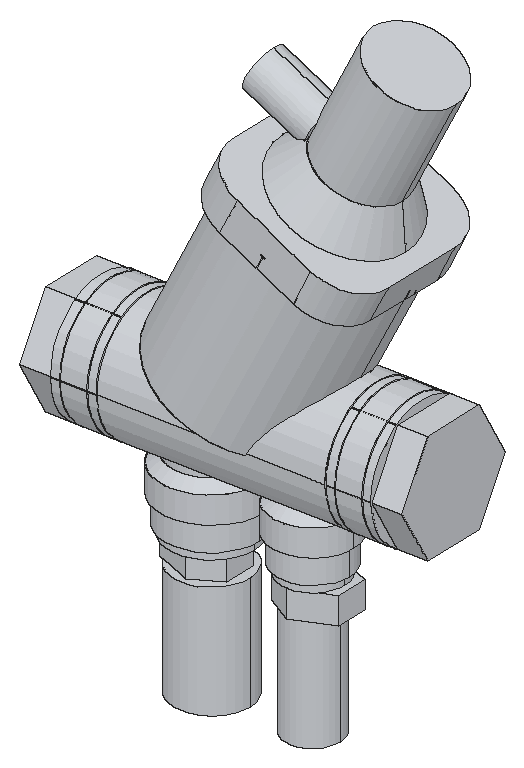
Revit family "PV_Compact_DN025_  5-30_FF_měř_RFA_2019", category Pipe Accessories, Revit 2019
Family settings
  Round Connector Dimension = Use Diameter
  Part Type = Valve - Breaks Into
  Work Plane-Based = No
  Always vertical = Yes
  Cut with Voids When Loaded = No
  Shared = No
Parameters (values of type "PV Compact DN25 FF s měřením (  5-30kPa)")
  magiProductId = "df9f1d59aa4a4bbbaec25e168ba07d"
  magiProductFamilyId = "17221e4467384e4990f0bd3f9c07cb"
  magiPartTypeId = 304
  isMeasuringValve [instance] = no
  ang2D [instance] = 0.00°
  Z7 = 15 mm
  Z6 = 25.5 mm
  Z5 = 59.5 mm
  Z4 = 51 mm
  Z3 = 8.5 mm
  Z2 = 42.5 mm
  XR3 = 30 mm
  XR2 = 25 mm
  XR1 = 13 mm
  W2D = 15 mm
  VersionID = "2.0/2018.12.13.2/FRESE_PV_COMPACT_PLUG_Q13_001"
  Use Minimum Symbol Size [instance] = no
  URL = "www.hydronix.cz"
  Type Comments = "závitový s vnitřním závitem; dvěma měřicími vsuvkami; PN25; dpmax=450kPa; -10~+120°C;"
  R5 = 5 mm
  R4 = 15 mm
  R3 = 10 mm
  R2 = 14 mm
  R1 = 19 mm
  QmdConnectorList = "301;D;302;D"
  Productdata [instance] = ""
  PH__ve = -PH  # -20.8 mm
  PH = 20.8 mm
  NL__ve = -NL  # -16.6 mm
  NL = 16.6 mm
  Manufacturer = "Hydronix"
  MC Use Limits From Balancing Method = no
  MC Throttling Minimum Value = 0
  MC Throttling Maximum Value = 0
  MC Product Code = "53-3208 DN25; FF; nastavitelný rozsah dp=5~30kPa; Q=600~2100l/h;  kvs=4,0"
  MC Pressure Drop Minimum Value = 0.0 Pa
  MC Pressure Drop Maximum Value = 0.0 Pa
  MC Piping Given Pressure Drop [instance] = 0.0 Pa
  M5 = 34.9 mm
  M4 = 32.9 mm
  M3 = 26.9 mm
  M2 = 24.9 mm
  LP = 41.5 mm
  LM = 49.8 mm
  LL__ve = -LL  # -5.9 mm
  LLT__ve = -LLT  # -16.3 mm
  LLT = 16.3 mm
  LL2 = 34 mm
  LL = 5.9 mm
  L3 = 11 mm
  L2D_Min = 30.48 mm
  L2D = 65 mm
  Description = "Nastavitelný regulátor tlakové diference"
  DR1 = no
  DR0 = yes
  DL2 = 66 mm
  D = 25 mm
  CenSd_R2_6 = R2 * cos(30.00°)  # 12.124 mm
  CAT0 = yes
  C0D1 = no
  C0D0 = yes
Types (10, lengths in mm): name | magiProductId | Z6 | Z5 | Z4 | Z3 | Z2 | XR3 | XR2 | XR1 | R2 | R1 | PH__ve | PH | NL__ve | NL | MC Product Code | M5 | M4 | M3 | M2 | LP | LM | LL__ve | LLT__ve | LLT | LL2 | LL | L3 | D | CenSd_R2_6
  PV Compact DN15 FF s měřením ( 20-60kPa) | "92c6061b2d364c498536f200ceae3f" | 24.6 | 57.4 | 49.2 | 8.2 | 41 | 30 | 25 | 13 | 14 | 19 | -22.4 | 22.4 | -15 | 15 | "53-3205 DN15; FF; nastavitelný rozsah dp=20~60kPa; Q=100~1000l/h;  kvs=2,9" | 32.5 | 30.5 | 24.5 | 22.5 | 37.5 | 45 | -5.7 | -14.9 | 14.9 | 32 | 5.7 | 11 | 15 | 12.124
  PV Compact DN15 FF s měřením (  5-30kPa) | "f361d342a5c3496a8b127ae77303d4" | 24.6 | 57.4 | 49.2 | 8.2 | 41 | 30 | 25 | 13 | 14 | 19 | -22.4 | 22.4 | -15 | 15 | "53-3204 DN15; FF; nastavitelný rozsah dp=5~30kPa; Q=50~600l/h;  kvs=2,9" | 32.5 | 30.5 | 24.5 | 22.5 | 37.5 | 45 | -5.7 | -14.9 | 14.9 | 32 | 5.7 | 11 | 15 | 12.124
  PV Compact DN20 FF s měřením ( 20-60kPa) | "9f7cac6a20a942348ba3edadb25c10" | 24.6 | 57.4 | 49.2 | 8.2 | 41 | 30 | 25 | 13 | 14 | 19 | -22.4 | 22.4 | -15.8 | 15.8 | "53-3207 DN20; FF; nastavitelný rozsah dp=20~60kPa; Q=150~2000l/h;  kvs=3,5" | 33.7 | 31.7 | 25.7 | 23.7 | 39.5 | 47.4 | -5.7 | -14.9 | 14.9 | 32 | 5.7 | 11 | 20 | 12.124
  PV Compact DN20 FF s měřením (  5-30kPa) | "db23a1b537c14a0d8d3ef5b88ba9f3" | 24.6 | 57.4 | 49.2 | 8.2 | 41 | 30 | 25 | 13 | 14 | 19 | -22.4 | 22.4 | -15.8 | 15.8 | "53-3206 DN20; FF; nastavitelný rozsah dp=5~30kPa; Q=100~1000l/h;  kvs=3,5" | 33.7 | 31.7 | 25.7 | 23.7 | 39.5 | 47.4 | -5.7 | -14.9 | 14.9 | 32 | 5.7 | 11 | 20 | 12.124
  PV Compact DN25 FF s měřením (  5-30kPa) | "df9f1d59aa4a4bbbaec25e168ba07d" | 25.5 | 59.5 | 51 | 8.5 | 42.5 | 30 | 25 | 13 | 14 | 19 | -20.8 | 20.8 | -16.6 | 16.6 | "53-3208 DN25; FF; nastavitelný rozsah dp=5~30kPa; Q=600~2100l/h;  kvs=4,0" | 34.9 | 32.9 | 26.9 | 24.9 | 41.5 | 49.8 | -5.9 | -16.3 | 16.3 | 34 | 5.9 | 11 | 25 | 12.124
  PV Compact DN25L FF s měřením ( 20-80kPa) | "87b7cca8bace4074a54840dfb5d8dc" | 40.2 | 93.8 | 80.4 | 13.4 | 67 | 42.5 | 37.5 | 25.5 | 26.5 | 31.5 | -17.6 | 17.6 | -20 | 20 | "53-3211 DN25L; FF; nastavitelný rozsah dp=20~80kPa; Q=750~4200l/h;  kvs=8,7" | 40 | 38 | 32 | 30 | 50 | 60 | -6.3 | -19.1 | 19.1 | 38 | 6.3 | 11 | 25 | 22.95
  PV Compact DN25L FF s měřením (  5-30kPa) | "5f34f6c18cbb44599cc4b76a533b7b" | 40.2 | 93.8 | 80.4 | 13.4 | 67 | 42.5 | 37.5 | 25.5 | 26.5 | 31.5 | -17.6 | 17.6 | -20 | 20 | "53-3210 DN25L; FF; nastavitelný rozsah dp=5~30kPa; Q=600~2500l/h;  kvs=8,7" | 40 | 38 | 32 | 30 | 50 | 60 | -6.3 | -19.1 | 19.1 | 38 | 6.3 | 11 | 25 | 22.95
  PV Compact DN32 FF s měřením ( 20-80kPa) | "4a8a1c2c3ced401aa76adec660b182" | 40.2 | 93.8 | 80.4 | 13.4 | 67 | 42.5 | 37.5 | 25.5 | 26.5 | 31.5 | -13.6 | 13.6 | -20.8 | 20.8 | "53-3214 DN32; FF; nastavitelný rozsah dp=20~80kPa; Q=1000~5000l/h;  kvs=10,1" | 41.2 | 39.2 | 33.2 | 31.2 | 52 | 62.4 | -6.8 | -22.6 | 22.6 | 43 | 6.8 | 25 | 32 | 22.95
  PV Compact DN40 FF s měřením ( 20-80kPa) | "8dd334465d8f48dd802c3dab6bec5b" | 46.8 | 109.2 | 93.6 | 15.6 | 78 | 42.5 | 37.5 | 25.5 | 26.5 | 31.5 | -11.2 | 11.2 | -27.6 | 27.6 | "53-3216 DN40; FF; nastavitelný rozsah dp=20~80kPa; Q=3000~8000l/h;  kvs=15,8" | 51.4 | 49.4 | 43.4 | 41.4 | 69 | 82.8 | -7.1 | -24.7 | 24.7 | 46 | 7.1 | 25 | 40 | 22.95
  PV Compact DN50 FF s měřením ( 20-80kPa) | "de24153ded7e41748f92358b184bd6" | 46.8 | 109.2 | 93.6 | 15.6 | 78 | 42.5 | 37.5 | 25.5 | 35.25 | 31.5 | -6.4 | 6.4 | -27.6 | 27.6 | "53-3218 DN50; FF; nastavitelný rozsah dp=20~80kPa; Q=5000~11500l/h;  kvs=16,2" | 51.4 | 49.4 | 43.4 | 41.4 | 69 | 82.8 | -7.7 | -28.9 | 28.9 | 52 | 7.7 | 25 | 50 | 30.527
Reference planes
  plane 1 "Center (Front/Back)": y = 0
  plane 2 "XYPLANE": z = 0
  plane 3 "Center (Left/Right)": x = 0
  plane 4 "408": x = 41.5
  plane 5 "407": x = -41.5
  plane 6 "402": z = -66
  plane 7 "213": x = 11
  plane 8 "168": z = -12.3
  plane 9 "167": z = -14.3
  plane 10 "166": z = -20.2
  plane 11 "165": z = -26.1
  plane 12 "164": z = -28.1
  plane 13 "154": z = 0
  plane 14 "152": y = 0
  plane 15 "151": z = -34
  plane 16 "150": x = -11
  plane 17 "75": through (318.218, 0, 679.605) normal (0.891, 0, -0.454)
  plane 18 "74": x = 34.9
  plane 19 "73": x = 32.9
  plane 20 "72": x = 26.9
  plane 21 "71": x = 24.9
  plane 22 "70": x = -34.9
  plane 23 "69": x = -32.9
  plane 24 "68": x = -26.9
  plane 25 "67": y = 0
  plane 26 "66": through (-666.893, 0, 343.166) normal (0.454, 0, 0.891)
  plane 27 "65": x = -24.9
  plane 28 "64": through (335.147, 0, 670.979) normal (0.891, 0, -0.454)
  plane 29 "63": through (-648.96, 0, 378.361) normal (0.454, 0, 0.891)
  plane 30 "62": through (352.076, 0, 662.353) normal (0.891, 0, -0.454)
  plane 31 "61": y = 19
  plane 32 "60": y = -19
  plane 33 "59": through (-645.101, 0, 385.934) normal (0.454, 0, 0.891)
  plane 34 "58": through (-641.242, 0, 393.508) normal (0.454, 0, 0.891)
  plane 35 "57": through (313.763, 0, 681.875) normal (0.891, 0, -0.454)
  plane 36 "56": x = 0
  plane 37 "55": through (-668.255, 0, 340.493) normal (0.454, 0, 0.891)
  plane 38 "102XY": through (-668.255, 0, 340.493) normal (0.454, 0, 0.891)
  plane 39 "102XZ": y = 0
  plane 40 "102YZ": through (340.493, 0, 668.255) normal (0.891, 0, -0.454)
Forms (mm)
  Extrusion 1, solid
    sketch origin (41.5, -750, 0) x (0, 1, 0) y (0, 0, 1)
      loop
        line (764, 0) -> (757, 12.124) -> (743, 12.124) -> (736, 0) -> (743, -12.124) -> (757, -12.124) -> (764, 0)
    from 0 to -16.6 <- "NL__ve"
  Extrusion 2, solid
    sketch origin (-41.5, -750, 0) x (0, 1, 0) y (0, 0, 1)
      loop
        line (736, 0) -> (743, -12.124) -> (757, -12.124) -> (764, 0) -> (757, 12.124) -> (743, 12.124) -> (736, 0)
    from 0 to 16.6 <- "NL"
  Extrusion 3, solid, visible <- "C0D1"
    sketch origin (-750, 0, -66) x (1, 0, 0) y (0, 1, 0)
      loop
        circle (761, 0) r 10
    from 0 to 50
  Extrusion 4, solid, visible <- "DR1"
    sketch origin (-750, 0, -20.2) x (1, 0, 0) y (0, 1, 0)
      loop
        line (761, -12) -> (773.792, -6) -> (773.792, 6) -> (761, 12) -> (750.608, 6) -> (750.608, -6) -> (761, -12)
    from 0 to -20.8 <- "PH__ve"
  Extrusion 5, solid, visible <- "DR1"
    sketch origin (-750, 0, -20.2) x (1, 0, 0) y (0, 1, 0)
      loop
        circle (761, 0) r 10
    from 0 to 5.9 <- "LL"
  Blend 6, solid, visible <- "DR1"
    base sketch origin (-750, 0, -12.3) x (1, 0, 0) y (0, 1, 0)
      loop
        circle (761, 0) r 7.5
    top sketch origin (-750, 0, -12.3) x (1, 0, 0) y (0, 1, 0)
      loop
        circle (761, 0) r 10
    from 0 to -2
  Extrusion 7, solid, visible <- "DR1"
    sketch origin (-750, 0, 0) x (1, 0, 0) y (0, 1, 0)
      loop
        circle (761, 0) r 7.5
    from 0 to -16.3 <- "LLT__ve"
  Extrusion 8, solid, visible <- "C0D0"
    sketch origin (-750, 0, -34) x (1, 0, 0) y (0, 1, 0)
      loop
        circle (761, 0) r 6
    from 0 to -25
  Extrusion 9, solid, visible <- "DR0"
    sketch origin (-750, 0, -28.1) x (1, 0, 0) y (0, 1, 0)
      loop
        line (761, -7) -> (769.462, -3.5) -> (769.462, 3.5) -> (761, 7) -> (754.938, 3.5) -> (754.938, -3.5) -> (761, -7)
    from 0 to -5.9 <- "LL__ve"
  Extrusion 10, solid, visible <- "DR0"
    sketch origin (-750, 0, -28.1) x (1, 0, 0) y (0, 1, 0)
      loop
        circle (761, 0) r 7
    from 0 to 2
  Extrusion 11, solid, visible <- "DR0"
    sketch origin (-750, 0, -20.2) x (1, 0, 0) y (0, 1, 0)
      loop
        circle (761, 0) r 9
    from 0 to 5.9 <- "LL"
  Blend 12, solid, visible <- "DR0"
    base sketch origin (-750, 0, -12.3) x (1, 0, 0) y (0, 1, 0)
      loop
        circle (761, 0) r 6.5
    top sketch origin (-750, 0, -12.3) x (1, 0, 0) y (0, 1, 0)
      loop
        circle (761, 0) r 9
    from 0 to -2
  Extrusion 13, solid, visible <- "DR0"
    sketch origin (-750, 0, 0) x (1, 0, 0) y (0, 1, 0)
      loop
        circle (761, 0) r 6.5
    from 0 to -16.3 <- "LLT__ve"
  Extrusion 14, solid, visible <- "DR0"
    sketch origin (-750, 0, 0) x (1, 0, 0) y (0, 1, 0)
      loop
        circle (761, 0) r 6.5
    from 0 to -16.3 <- "LLT__ve"
  Blend 15, solid, visible <- "DR0"
    base sketch origin (-750, 0, -12.3) x (1, 0, 0) y (0, 1, 0)
      loop
        circle (761, 0) r 6.5
    top sketch origin (-750, 0, -12.3) x (1, 0, 0) y (0, 1, 0)
      loop
        circle (761, 0) r 9
    from 0 to -2
  Extrusion 16, solid, visible <- "DR0"
    sketch origin (-750, 0, -20.2) x (1, 0, 0) y (0, 1, 0)
      loop
        circle (761, 0) r 9
    from 0 to 5.9 <- "LL"
  Extrusion 17, solid, visible <- "DR0"
    sketch origin (-750, 0, -26.1) x (1, 0, 0) y (0, 1, 0)
      loop
        circle (761, 0) r 8
    from 0 to 5.9 <- "LL"
  Extrusion 18, solid, visible <- "DR0"
    sketch origin (-750, 0, -28.1) x (1, 0, 0) y (0, 1, 0)
      loop
        circle (761, 0) r 7
    from 0 to 2
  Extrusion 19, solid, visible <- "DR0"
    sketch origin (-750, 0, -28.1) x (1, 0, 0) y (0, 1, 0)
      loop
        line (761, -7) -> (769.462, -3.5) -> (769.462, 3.5) -> (761, 7) -> (754.938, 3.5) -> (754.938, -3.5) -> (761, -7)
    from 0 to -5.9 <- "LL__ve"
  Extrusion 20, solid, visible <- "C0D0"
    sketch origin (-750, 0, -34) x (1, 0, 0) y (0, 1, 0)
      loop
        circle (761, 0) r 6
    from 0 to -25
  Extrusion 21, solid, visible <- "CAT0"
    sketch origin (-750, 0, -34) x (1, 0, 0) y (0, 1, 0)
      loop
        circle (739, 0) r 8.4
    from 0 to -25
  Extrusion 22, solid
    sketch origin (-750, 0, -28.1) x (1, 0, 0) y (0, 1, 0)
      loop
        line (739, -7) -> (745.062, -3.5) -> (745.062, 3.5) -> (739, 7) -> (730.538, 3.5) -> (730.538, -3.5) -> (739, -7)
    from 0 to -5.9 <- "LL__ve"
  Extrusion 23, solid
    sketch origin (-750, 0, -28.1) x (1, 0, 0) y (0, 1, 0)
      loop
        circle (739, 0) r 9.4
    from 0 to 2
  Extrusion 24, solid
    sketch origin (-750, 0, -26.1) x (1, 0, 0) y (0, 1, 0)
      loop
        circle (739, 0) r 10.4
    from 0 to 5.9 <- "LL"
  Extrusion 25, solid
    sketch origin (-750, 0, -20.2) x (1, 0, 0) y (0, 1, 0)
      loop
        circle (739, 0) r 11.4
    from 0 to 5.9 <- "LL"
  Blend 26, solid
    base sketch origin (-750, 0, -12.3) x (1, 0, 0) y (0, 1, 0)
      loop
        circle (739, 0) r 8.9
    top sketch origin (-750, 0, -12.3) x (1, 0, 0) y (0, 1, 0)
      loop
        circle (739, 0) r 11.4
    from 0 to -2
  Extrusion 27, solid
    sketch origin (-750, 0, 0) x (1, 0, 0) y (0, 1, 0)
      loop
        circle (739, 0) r 8.9
    from 0 to -16.3 <- "LLT__ve"
  Blend 28, solid, visible <- "CAT0"
    base sketch origin (32.9, -750, 0) x (0, 1, 0) y (0, 0, 1)
      loop
        circle (750, 0) r 14
    top sketch origin (32.9, -750, 0) x (0, 1, 0) y (0, 0, 1)
      loop
        circle (750, 0) r 14
    from 0 to 2
  Extrusion 29, solid, visible <- "CAT0"
    sketch origin (26.9, -750, 0) x (0, 1, 0) y (0, 0, 1)
      loop
        circle (750, 0) r 14
    from 0 to 6
  Blend 30, solid, visible <- "CAT0"
    base sketch origin (24.9, -750, 0) x (0, 1, 0) y (0, 0, 1)
      loop
        circle (750, 0) r 14
    top sketch origin (24.9, -750, 0) x (0, 1, 0) y (0, 0, 1)
      loop
        circle (750, 0) r 14
    from 0 to 2
  Blend 31, solid, visible <- "CAT0"
    base sketch origin (-32.9, -750, 0) x (0, 1, 0) y (0, 0, 1)
      loop
        circle (750, 0) r 14
    top sketch origin (-32.9, -750, 0) x (0, 1, 0) y (0, 0, 1)
      loop
        circle (750, 0) r 14
    from 0 to -2
  Extrusion 32, solid, visible <- "CAT0"
    sketch origin (-32.9, -750, 0) x (0, 1, 0) y (0, 0, 1)
      loop
        circle (750, 0) r 14
    from 0 to 6
  Blend 33, solid, visible <- "CAT0"
    base sketch origin (-26.9, -750, 0) x (0, 1, 0) y (0, 0, 1)
      loop
        circle (750, 0) r 14
    top sketch origin (-26.9, -750, 0) x (0, 1, 0) y (0, 0, 1)
      loop
        circle (750, 0) r 14
    from 0 to 2
  Extrusion 34, solid, visible <- "CAT0"
    sketch origin (-24.9, -750, 0) x (0, 1, 0) y (0, 0, 1)
      loop
        circle (750, 0) r 14
    from 0 to 49.8 <- "LM"
  Extrusion 35, solid, visible <- "CAT0"
    sketch origin (-666.893, 0, 343.166) x (0.891007, 0, -0.45399) y (0, 1, 0)
      loop
        circle (744, 0) r 19
    from 0 to 42.5 <- "Z2"
  Extrusion 36, solid, visible <- "CAT0"
    sketch origin (-648.96, 0, 378.361) x (0.891007, 0, -0.45399) y (0, 1, 0)
      loop
        arc (735, 19) -> (727.929, 16.071) -> (725, 9) r 10
        line (725, 9) -> (725, -9)
        arc (725, -9) -> (727.929, -16.071) -> (735, -19) r 10
        line (735, -19) -> (753, -19)
        arc (753, -19) -> (760.071, -16.071) -> (763, -9) r 10
        line (763, -9) -> (763, 9)
        arc (763, 9) -> (760.071, 16.071) -> (753, 19) r 10
        line (753, 19) -> (735, 19)
    from 0 to 8.5 <- "Z3"
  Blend 37, solid, visible <- "CAT0"
    base sketch origin (-645.101, 0, 385.934) x (0.891007, 0, -0.45399) y (0, 1, 0)
      loop
        circle (744, 0) r 15
    top sketch origin (-645.101, 0, 385.934) x (0.891007, 0, -0.45399) y (0, 1, 0)
      loop
        circle (744, 0) r 10
    from 0 to 8.5
  Extrusion 38, solid, visible <- "CAT0"
    sketch origin (-641.242, 0, 393.508) x (0.891007, 0, -0.45399) y (0, 1, 0)
      loop
        circle (744, 0) r 10
    from 0 to 25.5 <- "Z6"
  Extrusion 39, solid, visible <- "CAT0"
    sketch origin (313.763, 0, 681.875) x (-0.45399, 0, -0.891007) y (0, 1, 0)
      loop
        circle (690.5, 0) r 5
    from 0 to 15 <- "Z7"
  Blend 40, solid, visible <- "CAT0"
    base sketch origin (-668.255, 0, 340.493) x (0.891007, 0, -0.45399) y (0, 1, 0)
      loop
        circle (744, 0) r 15
    top sketch origin (-668.255, 0, 340.493) x (0.891007, 0, -0.45399) y (0, 1, 0)
      loop
        circle (744, 0) r 19
    from 0 to 3
  Extrusion 41, solid, not visible
    sketch origin (-34.9, -750, 0) x (0, 1, 0) y (0, 0, 1)
      loop
        circle (750, 0) r 10
    from 0 to 10
  Extrusion 42, solid, not visible
    sketch origin (34.9, -750, 0) x (0, 1, 0) y (0, 0, 1)
      loop
        circle (750, 0) r 10
    from 0 to -10
Lines and regions (mm)
  reference lines, not visible
    curve 1: circle (2, 2, 0) r 1 normal (0, 0, 1)
  reference lines
    curve 2: line (41.5, 0, 0) -> (41.5, -3.5, 6.062)
    curve 3: line (41.5, 0, 0) -> (41.5, -7, 0)
    curve 4: line (41.5, 0, 0) -> (41.5, -3.5, -6.062)
    curve 5: line (-41.5, 0, 0) -> (-41.5, 3.5, 6.062)
    curve 6: line (-41.5, 0, 0) -> (-41.5, 7, 0)
    curve 7: line (-41.5, 0, 0) -> (-41.5, 3.5, -6.062)
Dimensions and locks
  plane 1 "Center (Front/Back)" to curve 1 = 2 mm
  "LP": plane 36 "56" to plane 4 "408"
  "LP": plane 36 "56" to plane 5 "407"
  "DL2": plane 2 "XYPLANE" to plane 6 "402"
  "L3": plane 3 "Center (Left/Right)" to plane 7 "213"
  locked: plane 9 "167" to plane 8 "168" at 2
  "LL": plane 10 "166" to plane 9 "167"
  "LL": plane 11 "165" to plane 10 "166"
  locked: plane 12 "164" to plane 11 "165" at 2
  "LL": plane 15 "151" to plane 12 "164"
  locked: plane 2 "XYPLANE" to plane 13 "154"
  locked: plane 1 "Center (Front/Back)" to plane 14 "152"
  "LL2": plane 2 "XYPLANE" to plane 15 "151"
  "L3": plane 3 "Center (Left/Right)" to plane 16 "150"
  "XR2": plane 40 "102YZ" to plane 17 "75"
  "M5": plane 3 "Center (Left/Right)" to plane 18 "74"
  "M4": plane 3 "Center (Left/Right)" to plane 19 "73"
  "M3": plane 3 "Center (Left/Right)" to plane 20 "72"
  "M2": plane 3 "Center (Left/Right)" to plane 21 "71"
  "M5": plane 3 "Center (Left/Right)" to plane 22 "70"
  "M4": plane 3 "Center (Left/Right)" to plane 23 "69"
  "M3": plane 3 "Center (Left/Right)" to plane 24 "68"
  locked: plane 14 "152" to plane 25 "67"
  locked: plane 38 "102XY" to plane 26 "66" at 3
  "M2": plane 3 "Center (Left/Right)" to plane 27 "65"
  locked: plane 40 "102YZ" to plane 28 "64" at 6
  "Z2": plane 38 "102XY" to plane 29 "63"
  "XR1": plane 40 "102YZ" to plane 30 "62"
  "R1": plane 14 "152" to plane 31 "61"
  "R1": plane 14 "152" to plane 32 "60"
  "Z4": plane 38 "102XY" to plane 33 "59"
  "Z5": plane 38 "102XY" to plane 34 "58"
  "XR3": plane 40 "102YZ" to plane 35 "57"
  locked: plane 3 "Center (Left/Right)" to plane 36 "56"
  locked: plane 38 "102XY" to plane 37 "55"
  "CenSd_R2_6": curve 2 to Extrusion 1 sketch curve  (x2)
  "CenSd_R2_6": curve 3 to Extrusion 1 sketch curve  (x2)
  "CenSd_R2_6": curve 4 to Extrusion 1 sketch curve  (x2)
  Extrusion 1 sketch curve to Extrusion 1 sketch curve = 0 mm  (x12)
  "CenSd_R2_6": curve 5 to Extrusion 2 sketch curve  (x2)
  "CenSd_R2_6": curve 6 to Extrusion 2 sketch curve  (x2)
  "CenSd_R2_6": curve 7 to Extrusion 2 sketch curve  (x2)
  Extrusion 2 sketch curve to Extrusion 2 sketch curve = 0 mm  (x12)
  Extrusion 4 sketch curve to Extrusion 4 sketch curve = 0 mm  (x12)
  Extrusion 9 sketch curve to Extrusion 9 sketch curve = 0 mm  (x12)
  Extrusion 19 sketch curve to Extrusion 19 sketch curve = 0 mm  (x12)
  Extrusion 22 sketch curve to Extrusion 22 sketch curve = 0 mm  (x12)
  Extrusion 36 sketch curve to Extrusion 36 sketch curve = 0 mm  (x16)
  "R2": radius of Blend 28 sketch curve  (x2)
  "R2": radius of Extrusion 29 sketch curve
  "R2": radius of Blend 30 sketch curve  (x2)
  "R2": radius of Blend 31 sketch curve  (x2)
  "R2": radius of Extrusion 32 sketch curve
  "R2": radius of Blend 33 sketch curve  (x2)
  "R2": radius of Extrusion 34 sketch curve
  "R1": radius of Extrusion 35 sketch curve
  radius of Extrusion 36 sketch curve = 10 mm  (x4)
  "R3": radius of Blend 37 sketch curve
  "R4": radius of Blend 37 sketch curve
  "R3": radius of Extrusion 38 sketch curve
  "R5": radius of Extrusion 39 sketch curve
  "R1": radius of Blend 40 sketch curve
  locked: curve 3 to curve 2 (angle 60.00°)
  locked: curve 4 to curve 3 (angle 60.00°)
  locked: curve 4 to curve 2 (angle 120.00°)
  locked: curve 6 to curve 5 (angle 60.00°)
  locked: curve 7 to curve 6 (angle 60.00°)
  locked: curve 7 to curve 5 (angle 120.00°)
  aligned and locked: level to plane 2 "XYPLANE"
  aligned and locked: plane 13 "154" to curve 4
  aligned and locked: curve 4 to plane 14 "152"
  aligned and locked: plane 13 "154" to curve 7
  aligned and locked: curve 7 to plane 14 "152"
  aligned and locked: plane 7 "213" to Extrusion 3 sketch curve
  aligned and locked: plane 14 "152" to Extrusion 3 sketch curve
  aligned and locked: plane 7 "213" to Extrusion 5 sketch curve
  aligned and locked: plane 14 "152" to Extrusion 5 sketch curve
  aligned and locked: plane 7 "213" to Blend 6 sketch curve  (x2)
  aligned and locked: plane 14 "152" to Blend 6 sketch curve  (x2)
  aligned and locked: Blend 6 to plane 9 "167"
  aligned and locked: plane 7 "213" to Extrusion 7 sketch curve
  aligned and locked: plane 14 "152" to Extrusion 7 sketch curve
  aligned and locked: plane 7 "213" to Extrusion 8 sketch curve
  aligned and locked: plane 14 "152" to Extrusion 8 sketch curve
  aligned and locked: plane 7 "213" to Extrusion 10 sketch curve
  aligned and locked: plane 14 "152" to Extrusion 10 sketch curve
  aligned and locked: plane 7 "213" to Extrusion 11 sketch curve
  aligned and locked: plane 14 "152" to Extrusion 11 sketch curve
  aligned and locked: plane 7 "213" to Blend 12 sketch curve  (x2)
  aligned and locked: plane 14 "152" to Blend 12 sketch curve  (x2)
  aligned and locked: Blend 12 to plane 9 "167"
  aligned and locked: plane 7 "213" to Extrusion 13 sketch curve
  aligned and locked: plane 14 "152" to Extrusion 13 sketch curve
  aligned and locked: plane 7 "213" to Extrusion 14 sketch curve
  aligned and locked: plane 14 "152" to Extrusion 14 sketch curve
  aligned and locked: plane 7 "213" to Blend 15 sketch curve  (x2)
  aligned and locked: plane 14 "152" to Blend 15 sketch curve  (x2)
  aligned and locked: Blend 15 to plane 9 "167"
  aligned and locked: plane 7 "213" to Extrusion 16 sketch curve
  aligned and locked: plane 14 "152" to Extrusion 16 sketch curve
  aligned and locked: plane 7 "213" to Extrusion 17 sketch curve
  aligned and locked: plane 14 "152" to Extrusion 17 sketch curve
  aligned and locked: plane 7 "213" to Extrusion 18 sketch curve
  aligned and locked: plane 14 "152" to Extrusion 18 sketch curve
  aligned and locked: plane 7 "213" to Extrusion 20 sketch curve
  aligned and locked: plane 14 "152" to Extrusion 20 sketch curve
  aligned and locked: plane 14 "152" to Extrusion 21 sketch curve
  aligned and locked: plane 16 "150" to Extrusion 21 sketch curve
  aligned and locked: plane 14 "152" to Extrusion 23 sketch curve
  aligned and locked: plane 16 "150" to Extrusion 23 sketch curve
  aligned and locked: plane 14 "152" to Extrusion 24 sketch curve
  aligned and locked: plane 16 "150" to Extrusion 24 sketch curve
  aligned and locked: plane 14 "152" to Extrusion 25 sketch curve
  aligned and locked: plane 16 "150" to Extrusion 25 sketch curve
  aligned and locked: plane 14 "152" to Blend 26 sketch curve  (x2)
  aligned and locked: plane 16 "150" to Blend 26 sketch curve  (x2)
  aligned and locked: Blend 26 to plane 9 "167"
  aligned and locked: plane 14 "152" to Extrusion 27 sketch curve
  aligned and locked: plane 16 "150" to Extrusion 27 sketch curve
  aligned and locked: plane 13 "154" to Blend 28 sketch curve  (x2)
  aligned and locked: Blend 28 sketch curve to plane 14 "152"  (x2)
  aligned and locked: plane 18 "74" to Blend 28
  aligned and locked: plane 13 "154" to Extrusion 29 sketch curve
  aligned and locked: Extrusion 29 sketch curve to plane 14 "152"
  aligned and locked: plane 13 "154" to Blend 30 sketch curve  (x2)
  aligned and locked: Blend 30 sketch curve to plane 14 "152"  (x2)
  aligned and locked: plane 20 "72" to Blend 30
  aligned and locked: plane 13 "154" to Blend 31 sketch curve  (x2)
  aligned and locked: Blend 31 sketch curve to plane 14 "152"  (x2)
  aligned and locked: Blend 31 to plane 22 "70"
  aligned and locked: plane 13 "154" to Extrusion 32 sketch curve
  aligned and locked: Extrusion 32 sketch curve to plane 14 "152"
  aligned and locked: plane 13 "154" to Blend 33 sketch curve  (x2)
  aligned and locked: Blend 33 sketch curve to plane 14 "152"  (x2)
  aligned and locked: plane 27 "65" to Blend 33
  aligned and locked: plane 13 "154" to Extrusion 34 sketch curve
  aligned and locked: Extrusion 34 sketch curve to plane 14 "152"
  aligned and locked: plane 25 "67" to Extrusion 35 sketch curve
  aligned and locked: Extrusion 35 sketch curve to plane 28 "64"
  aligned and locked: Extrusion 36 sketch curve to plane 17 "75"
  aligned and locked: Extrusion 36 sketch curve to plane 32 "60"
  aligned and locked: Extrusion 36 sketch curve to plane 30 "62"
  aligned and locked: plane 31 "61" to Extrusion 36 sketch curve
  aligned and locked: plane 25 "67" to Blend 37 sketch curve  (x2)
  aligned and locked: Blend 37 sketch curve to plane 28 "64"  (x2)
  aligned and locked: plane 34 "58" to Blend 37
  aligned and locked: plane 25 "67" to Extrusion 38 sketch curve
  aligned and locked: Extrusion 38 sketch curve to plane 28 "64"
  aligned and locked: plane 25 "67" to Extrusion 39 sketch curve
  aligned and locked: plane 34 "58" to Extrusion 39 sketch curve
  aligned and locked: plane 25 "67" to Blend 40 sketch curve  (x2)
  aligned and locked: Blend 40 sketch curve to plane 28 "64"  (x2)
  aligned and locked: plane 26 "66" to Blend 40
  aligned and locked: plane 13 "154" to Extrusion 41 sketch curve
  aligned and locked: Extrusion 41 sketch curve to plane 14 "152"
  aligned and locked: plane 13 "154" to Extrusion 42 sketch curve
  aligned and locked: Extrusion 42 sketch curve to plane 14 "152"
Automatic sketch dimensions
  plane 3 "Center (Left/Right)" to Extrusion 3 sketch curve = 1 mm
  Extrusion 4 sketch curve to plane 7 "213" = 0 mm  (x2)
  plane 3 "Center (Left/Right)" to Extrusion 4 sketch curve = 0.608 mm
  Extrusion 4 sketch curve to plane 21 "71" = 1.108 mm
  plane 32 "60" to Extrusion 4 sketch curve = 7 mm
  plane 1 "Center (Front/Back)" to Extrusion 4 sketch curve = 6 mm  (x2)
  Extrusion 4 sketch curve to plane 1 "Center (Front/Back)" = 6 mm  (x2)
  Extrusion 4 sketch curve to plane 31 "61" = 7 mm
  plane 3 "Center (Left/Right)" to Extrusion 5 sketch curve = 1 mm
  plane 3 "Center (Left/Right)" to Blend 6 sketch curve = 3.5 mm
  plane 3 "Center (Left/Right)" to Blend 6 sketch curve = 1 mm
  plane 3 "Center (Left/Right)" to Extrusion 7 sketch curve = 3.5 mm
  plane 3 "Center (Left/Right)" to Extrusion 8 sketch curve = 5 mm
  Extrusion 9 sketch curve to plane 7 "213" = 0 mm  (x2)
  plane 3 "Center (Left/Right)" to Extrusion 9 sketch curve = 4.938 mm
  Extrusion 9 sketch curve to plane 21 "71" = 5.438 mm
  plane 1 "Center (Front/Back)" to Extrusion 9 sketch curve = 7 mm
  plane 1 "Center (Front/Back)" to Extrusion 9 sketch curve = 3.5 mm  (x2)
  Extrusion 9 sketch curve to plane 1 "Center (Front/Back)" = 3.5 mm  (x2)
  Extrusion 9 sketch curve to Extrusion 9 sketch curve = 3.5 mm
  plane 3 "Center (Left/Right)" to Extrusion 10 sketch curve = 4 mm
  plane 3 "Center (Left/Right)" to Extrusion 11 sketch curve = 2 mm
  plane 3 "Center (Left/Right)" to Blend 12 sketch curve = 4.5 mm
  plane 3 "Center (Left/Right)" to Blend 12 sketch curve = 2 mm
  plane 3 "Center (Left/Right)" to Extrusion 13 sketch curve = 4.5 mm
  plane 3 "Center (Left/Right)" to Extrusion 14 sketch curve = 4.5 mm
  plane 3 "Center (Left/Right)" to Blend 15 sketch curve = 4.5 mm
  plane 3 "Center (Left/Right)" to Blend 15 sketch curve = 2 mm
  plane 3 "Center (Left/Right)" to Extrusion 16 sketch curve = 2 mm
  plane 3 "Center (Left/Right)" to Extrusion 17 sketch curve = 3 mm
  plane 3 "Center (Left/Right)" to Extrusion 18 sketch curve = 4 mm
  Extrusion 19 sketch curve to plane 7 "213" = 0 mm  (x2)
  plane 3 "Center (Left/Right)" to Extrusion 19 sketch curve = 4.938 mm
  Extrusion 19 sketch curve to plane 21 "71" = 5.438 mm
  plane 1 "Center (Front/Back)" to Extrusion 19 sketch curve = 7 mm
  plane 1 "Center (Front/Back)" to Extrusion 19 sketch curve = 3.5 mm  (x2)
  Extrusion 19 sketch curve to plane 1 "Center (Front/Back)" = 3.5 mm  (x2)
  Extrusion 19 sketch curve to Extrusion 19 sketch curve = 3.5 mm
  plane 3 "Center (Left/Right)" to Extrusion 20 sketch curve = 5 mm
  plane 27 "65" to Extrusion 21 sketch curve = 5.5 mm
  Extrusion 22 sketch curve to plane 16 "150" = 0 mm  (x2)
  plane 27 "65" to Extrusion 22 sketch curve = 5.438 mm
  Extrusion 22 sketch curve to plane 3 "Center (Left/Right)" = 4.938 mm
  plane 1 "Center (Front/Back)" to Extrusion 22 sketch curve = 7 mm
  plane 1 "Center (Front/Back)" to Extrusion 22 sketch curve = 3.5 mm  (x2)
  Extrusion 22 sketch curve to plane 1 "Center (Front/Back)" = 3.5 mm  (x2)
  Extrusion 22 sketch curve to Extrusion 22 sketch curve = 3.5 mm
  plane 27 "65" to Extrusion 23 sketch curve = 4.5 mm
  plane 27 "65" to Extrusion 24 sketch curve = 3.5 mm
  plane 27 "65" to Extrusion 25 sketch curve = 2.5 mm
  plane 27 "65" to Blend 26 sketch curve = 5 mm
  plane 27 "65" to Blend 26 sketch curve = 2.5 mm
  plane 27 "65" to Extrusion 27 sketch curve = 5 mm
  plane 17 "75" to Blend 40 sketch curve = 4 mm
  plane 32 "60" to Extrusion 41 sketch curve = 9 mm
  plane 32 "60" to Extrusion 42 sketch curve = 9 mm
  plane 3 "Center (Left/Right)" to curve 1 = 2 mm
  radius of curve 1 = 1 mm
Connectors
  piping at (-34.9, 0, 0), diameter 25, driven by "D"
    settings: on Extrusion 41, index 1, connector inside diameter 609.6 mm, connector length 0 mm, flow factor 0, pipe flow 0.0 L/s, pressure drop 0.0 Pa, fitting loss kfactor 0, connector angle 0.00°, fixture units 0, engagement length 0 mm, angle of deflection 0.00°, flow configuration 0, flow direction 0, fitting loss method 0, system type 29, joint type 0, gender type 0, connector reference index 2, connector utility 0, adjustable connector no, is connector primary yes, connector description ""
  piping at (34.9, 0, 0), diameter 25, driven by "D"
    settings: on Extrusion 42, index 2, connector inside diameter 609.6 mm, connector length 0 mm, flow factor 0, pipe flow 0.0 L/s, pressure drop 0.0 Pa, fitting loss kfactor 0, connector angle 0.00°, fixture units 0, engagement length 0 mm, angle of deflection 0.00°, flow configuration 0, flow direction 0, fitting loss method 0, system type 29, joint type 0, gender type 0, connector reference index 1, connector utility 0, adjustable connector no, is connector primary no, connector description ""
